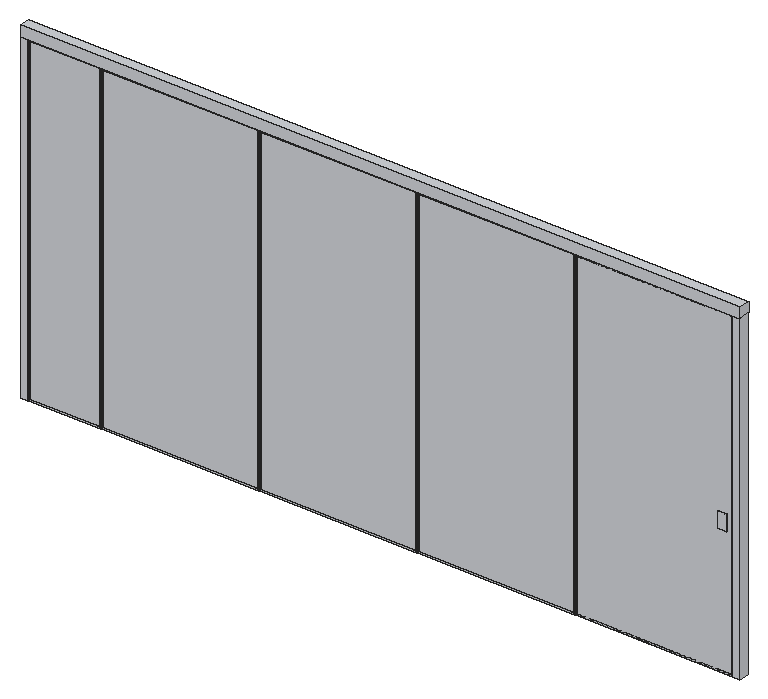
Revit family "WINAB Folding Wall Centric With Door", category Specialty Equipment, Revit 2019
Family settings
  Round Connector Dimension = Use Diameter
  Part Type = Normal
  Work Plane-Based = No
  Always vertical = Yes
  Cut with Voids When Loaded = No
  Shared = No
  Room Calculation Point = No
Parameters
  Wall Opening Length [instance] = 6000 mm
  Wall Frame = none
  URL = "https://www.winab.se/en/folding-walls-2/"
  Top Frame Height [instance] = 84 mm
  Start Panel Width [instance] = CC Start Panel - 6.5 mm  # 602.389 mm
  Single Panel [instance] = and(Closed Folding Wall, Panels in Array < 2)  # no
  Show Floor Rail [instance] = and(Floor Rail, Open Folding Wall)  # no
  Parked Panels Array Calc [instance] = if(Parked Panels Array < 2, 2, Parked Panels Array)  # 4
  Parked Panels Array [instance] = if(Custom Door Panel, ([#Panels (Min 3)] - 2), ([#Panels (Min 3)] - 1))  # 4
  Parked Custom Door Placement [instance] = if(Door Swing Direction, (2000 mm - Half CC Panel + (Custom Door Width / 2)), (2000 mm + Half CC Panel - (Custom Door Width / 2)))  # 2094.361 mm
  Parked Custom Door Distance [instance] = Parked Panels Array Calc * 100 mm  # 400 mm
  Parked Custom Door [instance] = and(Custom Door Panel, Open Folding Wall)  # no
  Panels in Array [instance] = [#Panels (Min 3)] - 2  # 3
  Panels Calc [instance] = if(Panels in Array < 2, 2, Panels in Array)  # 3
  Panel Width [instance] = CC Panel - 6.5 mm  # 1311.278 mm
  Panel Mtrl Secondary Side = none
  Panel Height [instance] = Folding Wall Height  # 2700 mm
  Panel Frame = none
  Panel Depth [instance] = 80 mm
  Panel Mtrl Primary Side = none
  Open Folding Wall [instance] = no
  Model = "Bottom Roller / Top Hung"
  Manufacturer = "WINAB"  # constant formula
  Jamb Width [instance] = 60 mm  # constant formula
  Half CC Panel [instance] = Panel Width / 2  # 655.639 mm
  Floor Rail [instance] = yes
  Door Swing Direction [instance] = ([#Panels (Min 3)] / 2) - (rounddown([#Panels (Min 3)] / 2)) > 0  # yes
  Door Handle Mtrl = none
  Custom Door Width [instance] = 1500 mm
  Custom Door Panel [instance] = no
  Closed Folding Wall [instance] = not(Open Folding Wall)  # yes
  Calc Door Width [instance] = if(Custom Door Panel, (Custom Door Width - 6.5 mm), Panel Width)  # 1311.278 mm
  Array Panels [instance] = and(Closed Folding Wall, Panels in Array > 1)  # yes
  CC Start Panel [instance] = (CC Panel / 2) - 50 mm  # 608.889 mm
  CC Panel [instance] = if(Custom Door Panel, (Folding Wall Length + 50 mm - Custom Door Width) / (Panels in Array + 0.5), (Folding Wall Length + 50 mm) / (Panels in Array + 1.5))  # 1317.778 mm
  Folding Wall Length [instance] = Wall Opening Length - (2 * Jamb Width)  # 5880 mm
  Folding Wall Height [instance] = 2700 mm
  Array Length [instance] = if(Custom Door Panel, Folding Wall Length + 50 mm - Custom Door Width - (0.5 * CC Panel), Folding Wall Length + 50 mm - (1.5 * CC Panel))  # 3953.333 mm
  #Panels (Min 3) [instance] = 5
Reference planes
  plane 1 "Center (Front/Back)": y = 0
  plane 2: z = 0
  plane 3 "Center (Left/Right)": x = 0
  plane 4: x = 1317.778
  plane 5: x = 658.889
  plane 6: x = 1976.667
  plane 7: x = 2635.556
  plane 8: x = -608.889
  plane 9: x = -304.444
  plane 10: x = 3953.333
  plane 11: x = 5271.111
  plane 12: y = 655.639
  plane 13 "FWTop": z = 2700
  plane 14: x = 2331.111
  plane 15 "Left": x = -668.889
  plane 16 "Right": x = 5331.111
  plane 17: x = -468.889
  plane 18: x = -368.889
  plane 19: x = 4612.222
  plane 20: x = -68.889
  plane 21: y = -2000
  plane 22: y = 94.361
  plane 23 "Top": z = 2784
  plane 24: y = -44
  plane 25: y = 44
Forms (mm)
  Extrusion 1, solid, material <- "Wall Frame"
    sketch origin (-668.889, 0, 0) x (0, 1, 0) y (0, 0, 1)
      loop
        line (45, 2784) -> (-45, 2784) -> (-45, 2700) -> (45, 2700) -> (45, 2784)
    from 0 to 6000 <- "Wall Opening Length"
  Sweep 2, solid, material <- "Wall Frame"
    path origin (-50, 0, 0) x (1, 0, 0) y (0, 0, 1)
      loop
        line (-618.889, 0) -> (-618.889, 2700)
    profile "WINAB BW End profile : WINAB BW End profile" origin (-668.889, 0, 1350) x (-1, 0, 0) y (0, -1, 0)
      loop
        line (-60, 44) -> (-60, 13.66) -> (-45, 5) -> (-45, -5) -> (-60, -13.66) -> (-60, -44) -> (0, -44) -> (0, 44) -> (-60, 44)
  Sweep 3, solid, material <- "Wall Frame"
    path origin (3850, 0, 0) x (-1, 0, 0) y (0, 0, 1)
      loop
        line (-1481.111, 0) -> (-1481.111, 2700)
    profile "WINAB BW End profile : WINAB BW End profile" origin (5331.111, 0, 1350) x (-1, 0, 0) y (0, -1, 0)
      loop
        line (60, 44) -> (0, 44) -> (0, -44) -> (60, -44) -> (60, -13.66) -> (45, -5) -> (45, 5) -> (60, 13.66) -> (60, 44)
Lines and regions (mm)
  Masking region 1
    outline origin (0, 0, 0) x (1, 0, 0) y (0, 1, 0)
      loop
        line (5331.111, 44) -> (5271.111, 44) -> (5271.111, 13.66) -> (5286.111, 5) -> (5286.111, -5) -> (5271.111, -13.66) -> (5271.111, -44) -> (5331.111, -44) -> (5331.111, 44)
  Masking region 2
    outline origin (4662.222, 0, 0) x (0, 1, 0) y (-1, 0, 0)
      loop
        line (44, 5331.111) -> (-44, 5331.111) -> (-44, 5271.111) -> (-13.66, 5271.111) -> (-5, 5286.111) -> (5, 5286.111) -> (13.66, 5271.111) -> (44, 5271.111) -> (44, 5331.111)
  symbolic lines, style "WINAB Overhead", visible <- "Open Folding Wall"
    curve 1: line (-608.889, 48.75, 2700) -> (5271.111, 48.75, 2700)
    curve 2: line (-608.889, -48.75, 2700) -> (5271.111, -48.75, 2700)
  model lines, style "SpecialityEquipmentHiddenLines", visible <- "Show Floor Rail"
    curve 3: line (-608.889, 49, 0) -> (5271.111, 49, 0)
    curve 4: line (-608.889, -49, 0) -> (5271.111, -49, 0)
Dimensions and locks
  equal spacing: plane 3 "Center (Left/Right)", plane 5, plane 4
  "CC Panel": plane 3 "Center (Left/Right)" to plane 4
  equal spacing: plane 4, plane 6, plane 7
  "CC Panel": plane 4 to plane 7
  equal spacing: plane 8, plane 9, plane 3 "Center (Left/Right)"
  "CC Start Panel": plane 8 to plane 3 "Center (Left/Right)"
  "Array Length": plane 3 "Center (Left/Right)" to plane 10
  equal spacing: group 1, group 2, group 5  (x3)
  "Folding Wall Length": plane 8 to plane 11
  equal spacing: group 3, group 4, group 6, group 7  (x3)
  "Half CC Panel": plane 1 "Center (Front/Back)" to plane 12
  equal spacing: plane 8, plane 14, plane 11
  equal spacing: plane 15 "Left", plane 14, plane 16 "Right"
  "Wall Opening Length": plane 15 "Left" to plane 16 "Right"
  equal spacing: curve 2, plane 1 "Center (Front/Back)", curve 1
  locked: curve 2 to curve 1 at 97.5
  locked: plane 8 to plane 17 at 140
  locked: plane 17 to plane 18 at 100
  equal spacing: plane 10, plane 19, plane 11
  "Folding Wall Height": plane 13 "FWTop" to plane 2
  equal spacing: curve 4, plane 1 "Center (Front/Back)", curve 3
  locked: curve 4 to curve 3 at 98
  "Parked Custom Door Distance": plane 17 to plane 20
  locked: plane 21 to plane 1 "Center (Front/Back)" at 2000
  "Parked Custom Door Placement": plane 22 to plane 21
  "Top Frame Height": plane 23 "Top" to plane 13 "FWTop"
  equal spacing: plane 25, plane 1 "Center (Front/Back)", plane 24
  locked: plane 25 to plane 24 at 88
  aligned and locked: level to plane 2
  aligned and locked: plane 5 to nested 1
  aligned and locked: plane 1 "Center (Front/Back)" to nested 1
  aligned and locked: plane 1 "Center (Front/Back)" to nested 2
  aligned and locked: plane 6 to nested 2
  aligned and locked: plane 9 to nested 3
  aligned and locked: plane 1 "Center (Front/Back)" to nested 3
  aligned and locked: plane 5 to nested 4
  aligned and locked: plane 1 "Center (Front/Back)" to nested 4
  aligned and locked: nested 6 to plane 1 "Center (Front/Back)"
  aligned and locked: nested 7 to plane 1 "Center (Front/Back)"
  aligned and locked: plane 13 "FWTop" to Extrusion 1 sketch curve
  aligned and locked: plane 8 to curve 1
  aligned and locked: Sweep 2 to plane 15 "Left"
  aligned and locked: plane 16 "Right" to Sweep 3
  aligned and locked: nested 5 to plane 12
  aligned and locked: plane 11 to curve 1
  aligned and locked: nested 5 to plane 8
  aligned and locked: plane 11 to curve 2
  aligned and locked: nested 6 to plane 17
  aligned and locked: nested 7 to plane 18
  aligned and locked: plane 19 to nested 8
  aligned and locked: plane 1 "Center (Front/Back)" to nested 8
  aligned and locked: plane 8 to curve 4
  aligned and locked: plane 11 to curve 4
  aligned and locked: plane 11 to curve 3
  aligned and locked: plane 8 to curve 3
  aligned and locked: plane 20 to nested 9
  aligned and locked: nested 9 to plane 22
  aligned and locked: Extrusion 1 sketch curve to plane 23 "Top"
  aligned and locked: Masking region 1 sketch curve to plane 16 "Right"
  aligned and locked: Masking region 1 sketch curve to plane 11
  aligned and locked: plane 25 to Masking region 1 sketch curve
  aligned and locked: Masking region 1 sketch curve to plane 24
  aligned and locked: Masking region 1 sketch curve to Sweep 3  (x3)
  aligned and locked: Masking region 2 sketch curve to plane 15 "Left"
  aligned and locked: Masking region 2 sketch curve to plane 8  (x2)
  aligned and locked: plane 24 to Masking region 2 sketch curve
  aligned and locked: plane 25 to Masking region 2 sketch curve
Automatic sketch dimensions
  curve 2 to plane 8 = 0 mm
  Extrusion 1 sketch curve to plane 24 = 1 mm
  Extrusion 1 sketch curve to plane 25 = 1 mm
  Sweep 2 sketch curve to plane 13 "FWTop" = 0 mm
  Sweep 2 sketch curve to plane 15 "Left" = 0 mm
  Sweep 2 sketch curve to level = 0 mm
  Sweep 3 sketch curve to plane 13 "FWTop" = 0 mm
  Sweep 3 sketch curve to plane 16 "Right" = 0 mm
  Sweep 3 sketch curve to level = 0 mm
  Masking region 1 sketch curve to plane 11 = 0 mm
  plane 1 "Center (Front/Back)" to Masking region 2 sketch curve = 13.66 mm
  plane 1 "Center (Front/Back)" to Masking region 2 sketch curve = 5 mm
  Masking region 2 sketch curve to plane 1 "Center (Front/Back)" = 5 mm
  Masking region 2 sketch curve to plane 1 "Center (Front/Back)" = 13.66 mm
  Masking region 2 sketch curve to plane 8 = 15 mm
Nested families
  nested 1: "WINAB Panel Standard" at (658.889, 0, 0), Panel Width <- "Panel Width", Panel Height <- "Panel Height", visible <- "Array Panels", type "WINAB Panel Standard1"
    with Panel Width 1311.278 mm, Panel Height 2700 mm, Panel Depth 80 mm
  nested 2: "WINAB Panel Standard" at (1976.667, 0, 0), Panel Width <- "Panel Width", Panel Height <- "Panel Height", visible <- "Array Panels", type "WINAB Panel Standard1"
    with Panel Width 1311.278 mm, Panel Height 2700 mm, Panel Depth 80 mm
  nested 3: "WINAB Panel Standard" at (-304.444, 0, 0), Panel Width <- "Start Panel Width", Panel Height <- "Panel Height", visible <- "Closed Folding Wall", type "WINAB Panel Standard1"
    with Panel Width 602.389 mm, Panel Height 2700 mm, Panel Depth 80 mm
  nested 4: "WINAB Panel Standard" at (658.889, 0, 0), visible <- "Single Panel", Panel Width <- "Panel Width", Panel Height <- "Panel Height", type "WINAB Panel Single"
    with Panel Width 1311.278 mm, Panel Height 2700 mm, Panel Depth 80 mm
  nested 5: "WINAB Panel Standard" at (-568.889, 351.194, 0) x (0, 1, 0) z (0, 0, 1), Panel Width <- "CC Start Panel", Panel Height <- "Panel Height", visible <- "Open Folding Wall", type "WINAB Panel Standard1"
    with Panel Width 608.889 mm, Panel Height 2700 mm, Panel Depth 80 mm
  nested 6: "WINAB Panel Standard" at (-468.889, 0, 0) x (0, 1, 0) z (0, 0, 1), Panel Height <- "Panel Height", Panel Width <- "Panel Width", visible <- "Open Folding Wall", type "WINAB Panel Standard1"
    with Panel Width 1311.278 mm, Panel Height 2700 mm, Panel Depth 80 mm
  nested 7: "WINAB Panel Standard" at (-368.889, 0, 0) x (0, 1, 0) z (0, 0, 1), Panel Height <- "Panel Height", Panel Width <- "Panel Width", visible <- "Open Folding Wall", type "WINAB Panel Standard1"
    with Panel Width 1311.278 mm, Panel Height 2700 mm, Panel Depth 80 mm
  nested 8: "WINAB Folding Wall Panel Door" at (4612.222, 0, 0), Panel Width <- "Calc Door Width", Panel Depth <- "Panel Depth", Panel Height <- "Panel Height", visible <- "Closed Folding Wall", Flip In Out <- "Door Swing Direction", type "WINAB Folding Wall Panel Door"
    with Panel Width 1311.278 mm, Panel Height 2700 mm, Panel Depth 80 mm, Outside Left no, Outside no, Left yes, Inside Left yes, Inside yes, Flip In Out yes
  nested 9: "WINAB Panel Standard" at (-68.889, 94.361, 0) x (0, 1, 0) z (0, 0, 1), Panel Width <- "Custom Door Width", visible <- "Parked Custom Door", Panel Depth <- "Panel Depth", Panel Height <- "Panel Height", type "WINAB Panel Standard1"
    with Panel Width 1500 mm, Panel Height 2700 mm, Panel Depth 80 mm
  nested 10: "WINAB Panel Standard" at (3294.444, 0, 0), Panel Width <- "Panel Width", Panel Height <- "Panel Height", visible <- "Array Panels", type "WINAB Panel Standard1"
    with Panel Width 1311.278 mm, Panel Height 2700 mm, Panel Depth 80 mm
  nested 11: "WINAB Panel Standard" at (-268.889, 0, 0) x (0, 1, 0) z (0, 0, 1), Panel Height <- "Panel Height", Panel Width <- "Panel Width", visible <- "Open Folding Wall", type "WINAB Panel Standard1"
    with Panel Width 1311.278 mm, Panel Height 2700 mm, Panel Depth 80 mm
  nested 12: "WINAB Panel Standard" at (-168.889, 0, 0) x (0, 1, 0) z (0, 0, 1), Panel Height <- "Panel Height", Panel Width <- "Panel Width", visible <- "Open Folding Wall", type "WINAB Panel Standard1"
    with Panel Width 1311.278 mm, Panel Height 2700 mm, Panel Depth 80 mm
Definition of nested family "WINAB Panel Standard"
  Parameters (values of type "WINAB Panel Standard1")
    Panel Width [instance] = 900 mm
    Panel Mtrl Secondary Side = none
    Panel Mtrl Primary Side = none
    Panel Height [instance] = 2000 mm
    Panel Frame = none
    Panel Depth [instance] = 80 mm
  Types (2): name
    WINAB Panel Single
    WINAB Panel Standard1
  Reference planes
    plane 1 "Center (Front/Back)": y = 0
    plane 2: z = 0
    plane 3 "Center (Left/Right)": x = 0
    plane 4 "Front": y = 40
    plane 5 "Back": y = -40
    plane 6: x = -450
    plane 7: x = 450
    plane 8: z = 2000
    plane 9: y = 38
    plane 10: y = -38
  Forms (mm)
    Sweep 1, solid, material <- "Panel Frame"
      path origin (0, 0, 0) x (1, 0, 0) y (0, 0, 1)
        loop
          line (-450, 2000) -> (-450, 0) -> (450, 0) -> (450, 2000) -> (-450, 2000)
      profile origin (0, 0, 2000) x (0, 0, 1) y (0, -1, 0)
        loop
          line (-10, -40) -> (0, -40) -> (0, 40) -> (-10, 40) -> (-10, 38) -> (-2, 38) -> (-2, -38) -> (-10, -38) -> (-10, -40)
    Extrusion 2, solid, material <- "Panel Mtrl Primary Side"
      sketch origin (0, 0, 0) x (1, 0, 0) y (0, 0, 1)
        loop
          line (-448, 1998) -> (-448, 2) -> (446, 2) -> (446, 1998) -> (-448, 1998)
      from 0 to 38
    Extrusion 3, solid, material <- "Panel Mtrl Secondary Side"
      sketch origin (0, 0, 0) x (1, 0, 0) y (0, 0, 1)
        loop
          line (-448, 1998) -> (-448, 2) -> (446, 2) -> (446, 1998) -> (-448, 1998)
      from -38 to 0
  Lines and regions (mm)
    Masking region 1
      outline origin (0, 0, 0) x (1, 0, 0) y (0, 1, 0)
        loop
          line (-450, 40) -> (-450, -40) -> (450, -40) -> (450, 40) -> (-450, 40)
  Dimensions and locks
    equal spacing: plane 4 "Front", plane 1 "Center (Front/Back)", plane 5 "Back"
    "Panel Depth": plane 4 "Front" to plane 5 "Back"
    equal spacing: plane 6, plane 3 "Center (Left/Right)", plane 7
    "Panel Width": plane 6 to plane 7
    "Panel Height": plane 8 to plane 2
    locked: plane 4 "Front" to plane 9 at 2
    locked: plane 10 to plane 5 "Back" at 2
    aligned and locked: level to plane 2
    aligned and locked: Sweep 1 sketch curve to plane 7
    aligned and locked: plane 2 to Sweep 1 sketch curve
    aligned and locked: plane 6 to Sweep 1 sketch curve
    aligned and locked: Sweep 1 sketch curve to plane 8
    aligned and locked: Sweep 1 sketch curve to plane 4 "Front"
    aligned and locked: plane 5 "Back" to Sweep 1 sketch curve
    aligned and locked: profile plane to Sweep 1 sketch curve
    aligned and locked: Extrusion 2 to plane 1 "Center (Front/Back)"
    aligned and locked: plane 10 to Extrusion 2
    aligned and locked: plane 1 "Center (Front/Back)" to Extrusion 3
    aligned and locked: Extrusion 3 to plane 9
    aligned and locked: plane 5 "Back" to Masking region 1 sketch curve
    aligned and locked: Masking region 1 sketch curve to plane 4 "Front"
    aligned and locked: plane 6 to Masking region 1 sketch curve
    aligned and locked: Masking region 1 sketch curve to plane 7
  Automatic sketch dimensions
    profile plane to Sweep 1 sketch curve = 2 mm
    Sweep 1 sketch curve to Sweep 1 sketch curve = 8 mm  (x2)
    Sweep 1 sketch curve to Sweep 1 sketch curve = 2 mm  (x2)
    plane 6 to Extrusion 2 sketch curve = 2 mm
    level to Extrusion 2 sketch curve = 2 mm
    Extrusion 2 sketch curve to plane 7 = 4 mm
    Extrusion 2 sketch curve to plane 8 = 2 mm
    plane 6 to Extrusion 3 sketch curve = 2 mm
    level to Extrusion 3 sketch curve = 2 mm
    Extrusion 3 sketch curve to plane 7 = 4 mm
    Extrusion 3 sketch curve to plane 8 = 2 mm
Definition of nested family "WINAB Folding Wall Panel Door"
  Parameters (values of type "WINAB Folding Wall Panel Door")
    Panel Width [instance] = 1200 mm
    Panel Mtrl Secondary Side = none
    Panel Mtrl Primary Side = none
    Panel Height [instance] = 2700 mm
    Panel Frame = none
    Panel Depth [instance] = 80 mm
    Outside Left [instance] = and(Outside, Left)  # yes
    Outside [instance] = not(Inside)  # yes
    Left [instance] = yes
    Inside Left [instance] = and(Inside, Left)  # no
    Inside [instance] = Flip In Out  # no
    Flip In Out [instance] = no
    Door Handle Mtrl = none
  Reference planes
    plane 1 "Center (Front/Back)": y = 0
    plane 2: z = 0
    plane 3 "Center (Left/Right)": x = 0
    plane 4 "Front": y = 40
    plane 5 "Back": y = -40
    plane 6: x = -600
    plane 7: x = 600
    plane 8: z = 2700
    plane 9: y = 38
    plane 10: y = -38
    plane 11: z = 1350
    plane 12: x = 520
  Forms (mm)
    Sweep 1, solid, material <- "Panel Frame"
      path origin (0, 0, 0) x (1, 0, 0) y (0, 0, 1)
        loop
          line (-600, 2700) -> (-600, 0) -> (600, 0) -> (600, 2700) -> (-600, 2700)
      profile origin (0, 0, 2700) x (0, 0, 1) y (0, -1, 0)
        loop
          line (-10, -40) -> (0, -40) -> (0, 40) -> (-10, 40) -> (-10, 38) -> (-2, 38) -> (-2, -38) -> (-10, -38) -> (-10, -40)
    Extrusion 2, solid, material <- "Panel Mtrl Secondary Side"
      sketch origin (0, 0, 0) x (1, 0, 0) y (0, 0, 1)
        loop
          line (-598, 2698) -> (-598, 2) -> (596, 2) -> (596, 2698) -> (-598, 2698)
      from -38 to 0
    Extrusion 3, solid, material <- "Panel Mtrl Primary Side"
      sketch origin (0, 0, 0) x (1, 0, 0) y (0, 0, 1)
        loop
          line (-598, 2698) -> (-598, 2) -> (596, 2) -> (596, 2698) -> (-598, 2698)
      from 40 to 0
  Lines and regions (mm)
    Masking region 1
      outline origin (0, 0, 0) x (1, 0, 0) y (0, 1, 0)
        loop
          line (-600, 40) -> (-600, -40) -> (600, -40) -> (600, 40) -> (-600, 40)
    symbolic lines, visible <- "Left"
      curve 1: line (-600, 0, 2700) -> (600, 0, 1350)
      curve 2: line (600, 0, 1350) -> (-600, 0, 0)
  Dimensions and locks
    equal spacing: plane 4 "Front", plane 1 "Center (Front/Back)", plane 5 "Back"
    "Panel Depth": plane 4 "Front" to plane 5 "Back"
    equal spacing: plane 6, plane 3 "Center (Left/Right)", plane 7
    "Panel Width": plane 6 to plane 7
    "Panel Height": plane 8 to plane 2
    locked: plane 4 "Front" to plane 9 at 2
    locked: plane 10 to plane 5 "Back" at 2
    equal spacing: plane 8, plane 11, plane 2
    locked: plane 7 to plane 12 at 80
    aligned and locked: level to plane 2
    aligned and locked: Sweep 1 sketch curve to plane 7
    aligned and locked: plane 6 to Sweep 1 sketch curve
    aligned and locked: Sweep 1 sketch curve to plane 8
    aligned and locked: plane 4 "Front" to Sweep 1 sketch curve
    aligned and locked: Sweep 1 sketch curve to plane 5 "Back"
    aligned and locked: profile plane to Sweep 1 sketch curve
    aligned and locked: Extrusion 2 to plane 9
    aligned and locked: nested 1 to plane 9
    aligned and locked: plane 3 "Center (Left/Right)" to nested 1
    aligned and locked: nested 2 to plane 3 "Center (Left/Right)"
    aligned and locked: nested 2 to plane 10
    aligned and locked: plane 6 to curve 1
    aligned and locked: plane 11 to curve 2
    aligned and locked: plane 2 to curve 2
    aligned and locked: plane 1 "Center (Front/Back)" to Extrusion 2
    aligned and locked: Extrusion 3 to plane 5 "Back"
    aligned and locked: Extrusion 3 to plane 1 "Center (Front/Back)"
    aligned and locked: plane 12 to nested 3
    aligned and locked: plane 5 "Back" to Masking region 1 sketch curve
    aligned and locked: Masking region 1 sketch curve to plane 4 "Front"
    aligned and locked: plane 6 to Masking region 1 sketch curve
    aligned and locked: Masking region 1 sketch curve to plane 7
  Automatic sketch dimensions
    curve 2 to plane 6 = 0 mm
    curve 2 to plane 7 = 0 mm
    curve 2 to plane 11 = 0 mm
    curve 1 to plane 8 = 0 mm
    Sweep 1 sketch curve to level = 0 mm
    profile plane to Sweep 1 sketch curve = 2 mm
    Sweep 1 sketch curve to Sweep 1 sketch curve = 8 mm  (x2)
    Sweep 1 sketch curve to Sweep 1 sketch curve = 2 mm  (x2)
    plane 6 to Extrusion 2 sketch curve = 2 mm
    level to Extrusion 2 sketch curve = 2 mm
    Extrusion 2 sketch curve to plane 7 = 4 mm
    Extrusion 2 sketch curve to plane 8 = 2 mm
    plane 6 to Extrusion 3 sketch curve = 2 mm
    level to Extrusion 3 sketch curve = 2 mm
    Extrusion 3 sketch curve to plane 7 = 4 mm
    Extrusion 3 sketch curve to plane 8 = 2 mm
  Nested families
    nested 1: "WINAB Door Symbol" at (-600, 38, 0) x (-1, 0, 0) z (0, 0, 1), Längd <- "Panel Width", visible <- "Inside Left", type "WINAB Door Symbol"
      with Längd 1200 mm
    nested 2: "WINAB Door Symbol" at (-600, -38, 0) x (-1, 0, 0) z (0, 0, 1), visible <- "Outside Left", Längd <- "Panel Width", type "WINAB Door Symbol"
      with Längd 1200 mm
    nested 3: "FW Door handle Standard" at (520, 0, 0), Panel Thickness <- "Panel Depth", type "FW Door handle Standard"
      with Panel Thickness 80 mm
  Definition of nested family "FW Door handle Standard"
    Parameters (values of type "FW Door handle Standard")
      Panel Thickness [instance] = 348.835 mm
      Handle Height = 1200 mm
      Door Handle Mtrl = none
    Reference planes
      plane 1 "Center (Front/Back)": y = 0
      plane 2: z = 0
      plane 3 "Center (Left/Right)": x = 0
      plane 4 "Front": y = -174.417
      plane 5 "Back": y = 174.417
      plane 6: x = -35
      plane 7: x = 35
      plane 8: z = 1200
      plane 9: z = 1070
    Forms (mm)
      Extrusion 1, solid, material <- "Door Handle Mtrl"
        sketch origin (0, -174.417, 0) x (-1, 0, 0) y (0, 0, 1)
          loop
            line (35, 1200) -> (-35, 1200) -> (-35, 1070) -> (35, 1070) -> (35, 1200)
        from -5 to 0
      Extrusion 2, solid, material <- "Door Handle Mtrl"
        sketch origin (0, 174.417, 0) x (-1, 0, 0) y (0, 0, 1)
          loop
            line (35, 1200) -> (-35, 1200) -> (-35, 1070) -> (35, 1070) -> (35, 1200)
        from 0 to 5
    Lines and regions (mm)
      Masking region 1
        outline origin (0, 0, 0) x (1, 0, 0) y (0, 0, 1)
          loop
            line (-35, 1200) -> (-35, 1070) -> (35, 1070) -> (35, 1200) -> (-35, 1200)
      model lines
        curve 1: line (-15, -179.417, 1180) -> (15, -179.417, 1180)
        curve 2: line (-15, -179.417, 1090) -> (-15, -179.417, 1180)
        curve 3: line (15, -179.417, 1090) -> (-15, -179.417, 1090)
        curve 4: line (15, -179.417, 1180) -> (15, -179.417, 1090)
        curve 5: line (-15, 179.417, 1180) -> (15, 179.417, 1180)
        curve 6: line (-15, 179.417, 1090) -> (-15, 179.417, 1180)
        curve 7: line (15, 179.417, 1090) -> (-15, 179.417, 1090)
        curve 8: line (15, 179.417, 1180) -> (15, 179.417, 1090)
    Dimensions and locks
      equal spacing: plane 5 "Back", plane 1 "Center (Front/Back)", plane 4 "Front"
      "Panel Thickness": plane 5 "Back" to plane 4 "Front"
      equal spacing: plane 7, plane 3 "Center (Left/Right)", plane 6
      locked: plane 8 to plane 9 at 130
      "Handle Height": plane 8 to plane 2
      aligned and locked: level to plane 2
      aligned and locked: Masking region 1 sketch curve to plane 8
      aligned and locked: plane 6 to Masking region 1 sketch curve
      aligned and locked: plane 9 to Masking region 1 sketch curve
      aligned and locked: Masking region 1 sketch curve to plane 7
      aligned and locked: Extrusion 1 sketch curve to Masking region 1  (x3)
    Automatic sketch dimensions
      Extrusion 1 sketch curve to plane 6 = 0 mm
      Extrusion 1 to curve 1 = 20 mm
      Extrusion 1 to curve 2 = 20 mm  (x2)
      Extrusion 1 to curve 3 = 20 mm
      Extrusion 2 sketch curve to plane 7 = 0 mm
      Extrusion 2 sketch curve to plane 6 = 0 mm
      Extrusion 2 sketch curve to plane 9 = 0 mm
      Extrusion 2 sketch curve to plane 8 = 0 mm
      curve 5 to Extrusion 2 = 20 mm
      curve 6 to Extrusion 2 = 20 mm  (x2)
      curve 7 to Extrusion 2 = 20 mm
  Definition of nested family "WINAB Door Symbol"
    Parameters (values of type "WINAB Door Symbol")
      Längd [instance] = 1000 mm
      Assembly Code = ""
    Reference planes
      plane 1 "Center (Front/Back)": y = 0
      plane 2: z = 0
      plane 3 "Center (Left/Right)": x = 0
      plane 4: y = 1071.358
      plane 5: x = -1000
      plane 6: x = -500
    Lines and regions (mm)
      reference lines, in view "Ref. Level"
        curve 1: line (0, 0, 0) -> (0, 1000, 0)
      detail lines, in view "Ref. Level"
        curve 2: arc (-1000, 0, 0) -> (-707.107, 707.107, 0) -> (0, 1000, 0) r 1000
        curve 3: line (0, 0, 0) -> (0, 1000, 0)
    Dimensions and locks
      "Längd": plane 5 to plane 3 "Center (Left/Right)"
      equal spacing: plane 5, plane 6, plane 3 "Center (Left/Right)"
      locked: curve 1 to plane 1 "Center (Front/Back)" (angle 90.00°)
      aligned and locked: plane 1 "Center (Front/Back)" to curve 1
      aligned and locked: plane 1 "Center (Front/Back)" to curve 2
      aligned and locked: curve 1 to curve 2
      aligned and locked: curve 3 to curve 1
    Automatic sketch dimensions
      curve 1 to plane 3 "Center (Left/Right)" = 0 mm
      curve 2 to plane 5 = 0 mm
      curve 2 to plane 3 "Center (Left/Right)" = 0 mm
      curve 3 to plane 3 "Center (Left/Right)" = 0 mm
